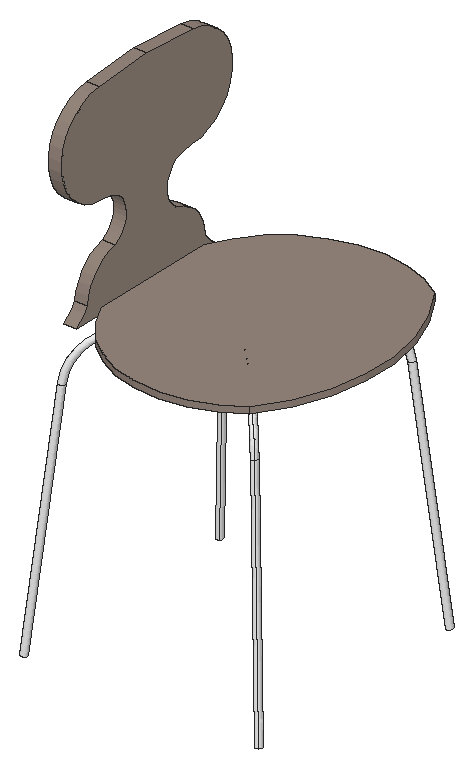
Revit family "Chair 1", category Furniture, Revit 2023
Family settings
  Work Plane-Based = No
  Enable Cutting in Views = No
  Always vertical = Yes
  Cut with Voids When Loaded = No
  Render Appearance Source = Family Geometry
  Shared = No
  Room Calculation Point = No
Parameters
  __Temp [instance] = 0 mm
  Keynote = "12600"
  Manufacturer = ""
  Default Elevation = 0 mm
  Bracket Material = Herman Miller - Finish 47 Trivalent Chrome
  Model = ""
  Cushion/Chair Back Material = Herman Miller - Veneer Z5 Maple
  BG_DIM_Width2 [instance] = 0 mm
  BG_DIM_Depth1 [instance] = 0 mm
Reference planes
  plane 1 "Center F/B": y = -198.997
  plane 2: z = 0
  plane 3 "Center L/R": x = -1.022
Forms (mm)
  Sweep 1, solid, material "Herman Miller - Finish 47 Trivalent Chrome" <- "Bracket Material"
    path origin (61.052, -65.204, 45) x (0, 0, -1) y (0.707107, -0.707107, 0)
      loop
        line (45, -82.843) -> (-332.364, -36.508)
        arc (-332.364, -36.508) -> (-382.531, -10.114) -> (-402.615, 42.895) r 80
        line (-402.615, 42.895) -> (-402.615, 181.322)
    profile origin (18.855, -23.007, 188.682) x (-0.701836, 0.701836, 0.121869) y (-0.707107, -0.707107, 0)
      loop
        circle (0, 0) r 5
  Sweep 2, solid, material "Herman Miller - Finish 47 Trivalent Chrome" <- "Bracket Material"
    path origin (57.516, -325.168, 45) x (0, 0, -1) y (0.707107, 0.707107, 0)
      loop
        line (45, -82.843) -> (-332.364, -36.508)
        arc (-332.364, -36.508) -> (-382.531, -10.114) -> (-402.615, 42.895) r 80
        line (-402.615, 42.895) -> (-402.615, 181.322)
    profile origin (15.319, -367.364, 188.682) x (-0.701836, -0.701836, 0.121869) y (0.707107, -0.707107, 0)
      loop
        circle (0, 0) r 5
  Sweep 3, solid, material "Herman Miller - Finish 47 Trivalent Chrome" <- "Bracket Material"
    path origin (303.338, -65.204, 45) x (0, 0, -1) y (0.707107, 0.707107, 0)
      loop
        line (45, 82.843) -> (-332.364, 36.508)
        arc (-332.364, 36.508) -> (-382.531, 10.114) -> (-402.615, -42.895) r 80
        line (-402.615, -42.895) -> (-402.615, -181.322)
    profile origin (345.535, -23.007, 188.682) x (0.701836, 0.701836, 0.121869) y (-0.707107, 0.707107, 0)
      loop
        circle (0, 0) r 5
  Sweep 4, solid, material "Herman Miller - Finish 47 Trivalent Chrome" <- "Bracket Material"
    path origin (306.873, -325.168, 45) x (0, 0, -1) y (0.707107, -0.707107, 0)
      loop
        line (45, 82.843) -> (-332.364, 36.508)
        arc (-332.364, 36.508) -> (-382.531, 10.114) -> (-402.615, -42.895) r 80
        line (-402.615, -42.895) -> (-402.615, -181.322)
    profile origin (349.07, -367.364, 188.682) x (0.701836, -0.701836, 0.121869) y (0.707107, 0.707107, 0)
      loop
        circle (0, 0) r 5
  Extrusion 5, solid, material "Herman Miller - Veneer Z5 Maple" <- "Cushion/Chair Back Material"
    sketch origin (0, 0, 0) x (1, 0, 0) y (0, 1, 0)
      loop
        arc (340, -9.099) -> (152.776, 17.913) -> (32.728, -128.274) r 192.616
        line (32.728, -128.274) -> (32.728, -249.923)
        arc (32.728, -249.923) -> (152.776, -396.11) -> (340, -369.099) r 192.616
        arc (340, -369.099) -> (400.673, -189.099) -> (340, -9.099) r 297.34
    from 450 to 460
  Extrusion 6, solid, material "Herman Miller - Veneer Z5 Maple" <- "Cushion/Chair Back Material"
    sketch origin (390, -409.099, -27.081) x (0, 0, -1) y (0, 1, 0)
      loop
        arc (-498.809, 95.839) -> (-486.21, 86.065) -> (-477.081, 72.99) r 53.087
        line (-477.081, 72.99) -> (-477.081, 347.212)
        arc (-477.081, 347.212) -> (-486.21, 334.138) -> (-498.809, 324.364) r 53.087
        arc (-498.809, 324.364) -> (-539.073, 308.301) -> (-561.143, 270.989) r 67.175
        arc (-561.143, 270.989) -> (-601.737, 249.17) -> (-634.197, 281.887) r 38.521
        line (-634.197, 281.887) -> (-636.604, 298.938)
        arc (-636.604, 298.938) -> (-714.694, 376.726) -> (-796.127, 302.444) r 79.872
        line (-796.127, 302.444) -> (-802.584, 210.101) -> (-796.127, 117.759)
        arc (-796.127, 117.759) -> (-714.694, 43.477) -> (-636.604, 121.265) r 79.872
        line (-636.604, 121.265) -> (-634.197, 138.316)
        arc (-634.197, 138.316) -> (-601.737, 171.033) -> (-561.143, 149.213) r 38.521
        arc (-561.143, 149.213) -> (-539.073, 111.901) -> (-498.809, 95.839) r 67.175
    from -367.272 to -347.272
Dimensions and locks
  aligned and locked: plane 1 "Center F/B" to Extrusion 6
